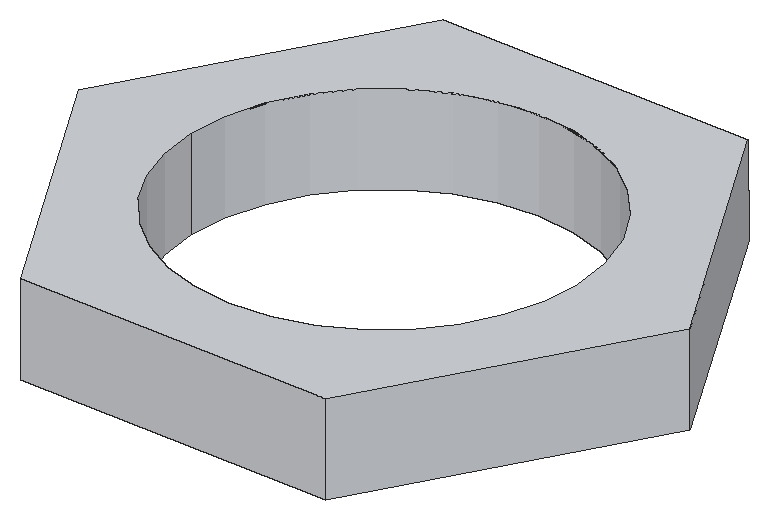
Revit family "HN1G", category Generic Models, Revit 2017
Family settings
  Can host rebar = No
  Round Connector Dimension = Use Diameter
  Part Type = Normal
  Work Plane-Based = Yes
  Always vertical = No
  Cut with Voids When Loaded = No
  Shared = No
  Room Calculation Point = No
Parameters (values of type "NBS Standard Parameters")
  Weight = "0.0125Kg"
  WarrantyStartDate [instance] = "1900-12-31T23:59:59"
  WarrantyGuarantorParts = "n/a"
  WarrantyGuarantorLabor = "n/a"
  WarrantyDurationUnit = "1 year"
  WarrantyDurationParts = "n/a"
  WarrantyDurationLabor = "n/a"
  WarrantyDescription = "n/a"
  Version = "1"
  Uniclass2 = "Pr_20_29_08_11"
  TagNumber [instance] = "n/a"
  SustainabilityPerformance = "n/a"
  Size = "20mm"
  Shape = "Hexagon"
  SerialNumber [instance] = "n/a"
  Revision = "n/a"
  ReplacementCost = "n/a"
  ProductInformation = "www.metpro.co.uk/pdf/hn1g.pdf"
  NominalWidth = 23 mm
  NominalLength = 23 mm
  NominalHeight = 4.7 mm
  Name = ""
  NBSTypeID = ""
  NBSReference = "45-50-10/330"
  NBSOfficeMasterTag = ""
  NBSNote = ""
  NBSDescription = "Carbon Steel Hexagon"
  NBSCertification = ""
  ModelReference = "HN1G"
  ModelNumber = "n/a"
  Material = "Steel"
  ManufacturerURL = "www.metpro.co.uk"
  ManufacturerName = "Metpro Ltd"
  InstallationDate [instance] = "1900-12-31T23:59:59"
  IfcExportType = ""
  IfcExportAs = ""
  Grade = "n/a"
  Finish = "BZP"
  Features = "n/a"
  ExpectedLife = "n/a"
  DurationUnit = "year"
  Description = "HN1G 20mm Lock Nut- Heavy Pattern"
  Default Elevation = 1219.2 mm
  Constituents = "n/a"
  Color = "n/a"
  CodePerformance = "n/a"
  Category = "n/a"
  BarCode [instance] = "n/a"
  BIMObjectName = "Metpro_metprolibrary_Hexagonheadcarbonsteelnuts&bolts   Hexbolts-BZP"
  Author = "Metpro limited"
  AssetType = ""
  AssetIdentifier [instance] = "n/a"
  AccessibilityPerformance = "n/a"
Reference planes
  plane 1 "Center (Front/Back)": y = 0
  plane 2: z = 0
  plane 3 "Center (Left/Right)": x = 0
Forms (mm)
  Extrusion 1, solid
    sketch origin (-11.449, -7.188, 21.419) x (0, -1, 0) y (1, 0, 0)
      loop
        circle (-3.24, 0.039) r 10
      loop
        line (-16.929, -7.864) -> (-3.24, -15.767) -> (10.448, -7.864) -> (10.448, 7.942) -> (-3.24, 15.846) -> (-16.929, 7.942) -> (-16.929, -7.864)
    from 0 to 4.7
Dimensions and locks
  aligned and locked: level to plane 2
